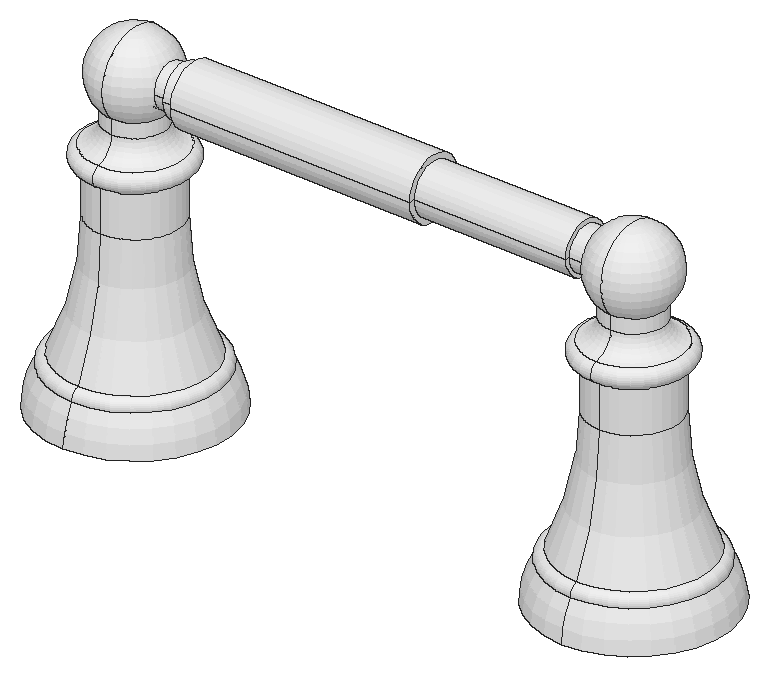
Revit family "Toilet_Tissue_Holder-Wall_Mounted-American_Standard-TR_Series-8334.230", category Specialty Equipment, host Face, Revit 2014
Parameters (values of type "8334.230")
  Width = 8 1/2"
  Warranty Information = "1 Year Warranty"
  URL = "http://www.americanstandard-us.com"
  Type Comments = "Available Finishes Include Chrome Polished, Oil Rubbed Bronze & Satin Nickel."
  Revised Date = "02/08/2016"
  Product Page URL = "https://www.americanstandard-us.com/bathroom/bathroom-accessories/tr-series-toilet-paper-holder-22928"
  Product Documentation Link = "https://www.americanstandard-us.com/-/media/sites/asus/files/product-specs/bulk/specsheet8334230.pdf?la=en"
  Model = "8334.230"
  Material = "Metal-American Standard-002-Polished Chrome"
  Manufacturer = "American Standard"
  Length = 4 1/4"
  Installation Type = "Wall Mounted"
  Height = 2 1/4"
  Description = "TR Series Toilet Paper Holder."
  Default Elevation = 20"
  Creation Date = "04/04/2014"
  Assembly Code = "C1030220"
Reference planes (in)
  plane 1 "Center (Front/Back)": y = 0
  plane 2: z = 0
  plane 3 "Center (Left/Right)": x = 0
  plane 4 "Floor Level": y = -20
  plane 5: x = -4.25
  plane 6: z = 3.75
  plane 7: y = 1.125
  plane 8: y = -1.125
  plane 9: z = 4.25
  plane 10: x = -3.125
  plane 11: x = 3.125
  plane 12: x = 4.25
  plane 13: x = -2
  plane 14: x = 2
Forms (in)
  Revolve 1, solid, material "Metal-American Standard-002-Polished Chrome"
    sketch origin (-3.125, 0, 0) x (0, 0, -1) y (0, 1, 0)
      loop
        line (0, 0) -> (0, 1.125)
        arc (0, 1.125) -> (-0.24099, 1.0846) -> (-0.46338, 0.98333) r 0.93821
        arc (-0.46338, 0.98333) -> (-0.55225, 0.96327) -> (-0.59592, 0.8833) r 0.11062
        arc (-0.59592, 0.8833) -> (-1.35251, 0.61891) -> (-2.14894, 0.52929) r 3.58351
        line (-2.14894, 0.52929) -> (-2.70364, 0.52929)
        arc (-2.70364, 0.52929) -> (-2.79656, 0.66589) -> (-2.93388, 0.57404) r 0.11728
        arc (-2.93388, 0.57404) -> (-3.02588, 0.42017) -> (-3.19406, 0.35806) r 0.2695
        line (-3.19406, 0.35806) -> (-3.36599, 0.35806)
        arc (-3.36599, 0.35806) -> (-3.92864, 0.47689) -> (-4.25, 0) r 0.51452
        line (-4.25, 0) -> (0, 0)
      axis (-4.25, 0) -> (0, 0)
    angle from 0 to 360
  Revolve 2, solid, material "Metal-American Standard-002-Polished Chrome"
    sketch origin (3.125, 0, 0) x (0, 0, -1) y (0, -1, 0)
      loop
        line (0, 0) -> (-4.25, 0)
        arc (-4.25, 0) -> (-3.92864, -0.47689) -> (-3.36599, -0.35806) r 0.51452
        line (-3.36599, -0.35806) -> (-3.19406, -0.35806)
        arc (-3.19406, -0.35806) -> (-3.02588, -0.42017) -> (-2.93388, -0.57404) r 0.2695
        arc (-2.93388, -0.57404) -> (-2.79656, -0.66589) -> (-2.70364, -0.52929) r 0.11728
        line (-2.70364, -0.52929) -> (-2.14894, -0.52929)
        arc (-2.14894, -0.52929) -> (-1.35251, -0.61891) -> (-0.59592, -0.8833) r 3.58351
        arc (-0.59592, -0.8833) -> (-0.55225, -0.96327) -> (-0.46338, -0.98333) r 0.11062
        arc (-0.46338, -0.98333) -> (-0.24099, -1.0846) -> (0, -1.125) r 0.93821
        line (0, -1.125) -> (0, 0)
      axis (-4.25, 0) -> (0, 0)
    angle from 0 to 360
  Revolve 3, solid, material "Metal-American Standard-002-Polished Chrome"
    sketch origin (0, 0, 3.75) x (1, 0, 0) y (0, 1, 0)
      loop
        line (-3.125, 0.26155) -> (-3.125, 0) -> (3.125, 0) -> (3.125, 0.26155) -> (2.52331, 0.26155) -> (2.52331, 0.31094) -> (0.61951, 0.31094) -> (0.61951, 0.37586) -> (-2.38049, 0.37586) -> (-2.38049, 0.31094) -> (-2.52331, 0.31094) -> (-2.52331, 0.26155) -> (-3.125, 0.26155)
      axis (3.125, 0) -> (-3.125, 0)
    angle from 0 to 360
  Revolve 4, solid, material "Metal-American Standard-002-Polished Chrome"
    sketch origin (-3.125, 0, 0) x (0, 0, -1) y (0, 1, 0)
      loop
        line (0, 0) -> (0, 1.125)
        arc (0, 1.125) -> (-0.24099, 1.0846) -> (-0.46338, 0.98333) r 0.93821
        arc (-0.46338, 0.98333) -> (-0.55225, 0.96327) -> (-0.59592, 0.8833) r 0.11062
        arc (-0.59592, 0.8833) -> (-1.35251, 0.61891) -> (-2.14894, 0.52929) r 3.58351
        line (-2.14894, 0.52929) -> (-2.70364, 0.52929)
        arc (-2.70364, 0.52929) -> (-2.79656, 0.66589) -> (-2.93388, 0.57404) r 0.11728
        arc (-2.93388, 0.57404) -> (-3.02588, 0.42017) -> (-3.19406, 0.35806) r 0.2695
        line (-3.19406, 0.35806) -> (-3.36599, 0.35806)
        arc (-3.36599, 0.35806) -> (-3.92864, 0.47689) -> (-4.25, 0) r 0.51452
        line (-4.25, 0) -> (0, 0)
      axis (-4.25, 0) -> (0, 0)
    angle from 0 to 360
Lines and regions (in)
  Masking region 1
    outline origin (0, 0, 0) x (1, 0, 0) y (0, 0, 1)
      loop
        arc (3.48299, 3.36015) -> (3.45299, 4.13262) -> (2.68949, 4.01154) r 0.51693
        line (2.68949, 4.01154) -> (2.52331, 4.01154) -> (2.52331, 4.06094) -> (0.61951, 4.06094) -> (0.61951, 4.12586) -> (-2.38049, 4.12586) -> (-2.38049, 4.06094) -> (-2.52331, 4.06094) -> (-2.52331, 4.01155) -> (-2.68949, 4.01155)
        arc (-2.68949, 4.01155) -> (-3.45299, 4.13262) -> (-3.48299, 3.36015) r 0.51693
        line (-3.48299, 3.36015) -> (-3.48299, 3.20268)
        arc (-3.48299, 3.20268) -> (-3.54479, 3.03079) -> (-3.70008, 2.9346) r 0.27739
        arc (-3.70008, 2.9346) -> (-3.79068, 2.7936) -> (-3.65056, 2.70163) r 0.11909
        line (-3.65056, 2.70163) -> (-3.65056, 2.14739)
        arc (-3.65056, 2.14739) -> (-3.74607, 1.35219) -> (-4.00882, 0.5956) r 3.73768
        arc (-4.00882, 0.5956) -> (-4.08824, 0.55201) -> (-4.10825, 0.46365) r 0.11033
        arc (-4.10825, 0.46365) -> (-4.21008, 0.24129) -> (-4.25, 0) r 0.92387
        line (-4.25, 0) -> (-2, 0)
        arc (-2, 0) -> (-2.03992, 0.24129) -> (-2.14175, 0.46365) r 0.92387
        arc (-2.14175, 0.46365) -> (-2.16176, 0.55201) -> (-2.24118, 0.5956) r 0.11033
        arc (-2.24118, 0.5956) -> (-2.50393, 1.35219) -> (-2.59944, 2.14739) r 3.73768
        line (-2.59944, 2.14739) -> (-2.59944, 2.70163)
        arc (-2.59944, 2.70163) -> (-2.45932, 2.7936) -> (-2.54992, 2.9346) r 0.11909
        arc (-2.54992, 2.9346) -> (-2.70521, 3.03079) -> (-2.76701, 3.20268) r 0.27739
        line (-2.76701, 3.20268) -> (-2.76701, 3.36015)
        arc (-2.76701, 3.36015) -> (-2.71328, 3.42049) -> (-2.6696, 3.48845) r 0.51693
        line (-2.6696, 3.48845) -> (-2.52331, 3.48845) -> (-2.52331, 3.43906) -> (-2.38049, 3.43906) -> (-2.38049, 3.37414) -> (0.61951, 3.37414) -> (0.61951, 3.43906) -> (2.52331, 3.43906) -> (2.52331, 3.48846) -> (2.6696, 3.48846)
        arc (2.6696, 3.48846) -> (2.71328, 3.42049) -> (2.76701, 3.36015) r 0.51693
        line (2.76701, 3.36015) -> (2.76701, 3.20268)
        arc (2.76701, 3.20268) -> (2.70521, 3.03079) -> (2.54992, 2.9346) r 0.27739
        arc (2.54992, 2.9346) -> (2.45932, 2.7936) -> (2.59944, 2.70163) r 0.11909
        line (2.59944, 2.70163) -> (2.59944, 2.14739)
        arc (2.59944, 2.14739) -> (2.50393, 1.35219) -> (2.24118, 0.5956) r 3.73768
        arc (2.24118, 0.5956) -> (2.16176, 0.55201) -> (2.14175, 0.46365) r 0.11033
        arc (2.14175, 0.46365) -> (2.03992, 0.24129) -> (2, 0) r 0.92387
        line (2, 0) -> (4.25, 0)
        arc (4.25, 0) -> (4.21008, 0.24129) -> (4.10825, 0.46365) r 0.92387
        arc (4.10825, 0.46365) -> (4.08824, 0.55201) -> (4.00882, 0.5956) r 0.11033
        arc (4.00882, 0.5956) -> (3.74607, 1.35219) -> (3.65056, 2.14739) r 3.73768
        line (3.65056, 2.14739) -> (3.65056, 2.70163)
        arc (3.65056, 2.70163) -> (3.79068, 2.7936) -> (3.70008, 2.9346) r 0.11909
        arc (3.70008, 2.9346) -> (3.54479, 3.03079) -> (3.48299, 3.20268) r 0.27739
        line (3.48299, 3.20268) -> (3.48299, 3.36015)
  symbolic lines, style "SpecialityEquipment", detail levels medium+fine
    curve 1: line (4.10842, 0, 0.46338) -> (2.14302, 0, 0.46338)
    curve 4: line (2.76701, 0, 3.36015) -> (3.48299, 0, 3.36015)
    curve 6: line (-4.10842, 0, 0.46338) -> (-2.14302, 0, 0.46338)
    curve 9: line (-2.76701, 0, 3.36015) -> (-3.48299, 0, 3.36015)
    curve 12: line (0.61951, 0, 4.06094) -> (0.61951, 0, 3.43906)
    curve 15: arc (2.68949, 0, 4.01154) -> (2.60844, 0, 3.7527) -> (2.6696, 0, 3.48846) r 0.51693
    curve 16: arc (-2.68949, 0, 4.01155) -> (-2.60844, 0, 3.7527) -> (-2.6696, 0, 3.48845) r 0.51693
  symbolic lines, style "SpecialityEquipment", detail levels fine
    curve 2: line (2.24118, 0, 0.5956) -> (4.00882, 0, 0.5956)
    curve 3: line (3.65056, 0, 2.70163) -> (2.59944, 0, 2.70163)
    curve 5: line (3.48321, 0, 3.19406) -> (2.76679, 0, 3.19406)
    curve 7: line (-2.24118, 0, 0.5956) -> (-4.00882, 0, 0.5956)
    curve 8: line (-3.65056, 0, 2.70163) -> (-2.59944, 0, 2.70163)
    curve 10: line (-3.48321, 0, 3.19406) -> (-2.76679, 0, 3.19406)
    curve 11: line (2.52331, 0, 4.01154) -> (2.52331, 0, 3.48846)
    curve 13: line (-2.38049, 0, 4.06094) -> (-2.38049, 0, 3.43906)
    curve 14: line (-2.52331, 0, 4.01155) -> (-2.52331, 0, 3.48845)
Dimensions and locks (in)
  "Default Elevation": plane 4 "Floor Level" to plane 1 "Center (Front/Back)"
  plane 2 to plane 6 = 3 3/4"
  locked: plane 2 to plane 9 at 4.25
  locked: plane 7 to plane 8 at 2.25
  plane 10 to plane 11 = 6 1/4"
  locked: plane 5 to plane 12 at 8.5
  aligned and locked: plane 2 to host face
  aligned and locked: level to host face
Automatic sketch dimensions
  curve 10 to curve 9 = 0.00022"
  curve 1 to curve 2 = 0.09816"
  host sketch curve to host sketch curve = 96"  (x2)
  Revolve 1 sketch curve to plane 1 "Center (Front/Back)" = 0"  (x2)
  plane 9 to Revolve 1 sketch curve = 0"
  Revolve 1 sketch curve to level = 0"
  Revolve 1 sketch curve to plane 7 = 0"
  plane 6 to Revolve 1 sketch curve = 0.01452"
  Revolve 1 sketch curve to plane 1 "Center (Front/Back)" = 0.35806"
  Revolve 1 sketch curve to Revolve 1 sketch curve = 43/256"
  Revolve 1 sketch curve to Revolve 1 sketch curve = 0.17193"
  Revolve 1 sketch curve to Revolve 1 sketch curve = 0.26414"
  Revolve 1 sketch curve to Revolve 1 sketch curve = 0"
  Revolve 1 sketch curve to Revolve 1 sketch curve = 0.11494"
  Revolve 1 sketch curve to Revolve 1 sketch curve = 0.11529"
  Revolve 1 sketch curve to Revolve 1 sketch curve = 0.42591"
  Revolve 1 sketch curve to Revolve 1 sketch curve = 0.12879"
  Revolve 1 sketch curve to Revolve 1 sketch curve = 0.30613"
  plane 7 to Revolve 1 sketch curve = 0.2417"
  level to Revolve 1 sketch curve = 0.59592"
  Revolve 1 sketch curve to Revolve 1 sketch curve = 0.1103"
  Revolve 1 sketch curve to Revolve 1 sketch curve = 0.02224"
  Revolve 1 sketch curve to level = 0.03331"
  Revolve 1 sketch curve to plane 1 "Center (Front/Back)" = 0.18738"
  Revolve 1 sketch curve to plane 1 "Center (Front/Back)" = 0.52929"
  Revolve 2 sketch curve to plane 1 "Center (Front/Back)" = 0"  (x2)
  plane 9 to Revolve 2 sketch curve = 0"
  Revolve 2 sketch curve to level = 0"
  Revolve 2 sketch curve to plane 7 = 0"
  plane 6 to Revolve 2 sketch curve = 0.01452"
  Revolve 2 sketch curve to plane 1 "Center (Front/Back)" = 0.35806"
  Revolve 2 sketch curve to Revolve 2 sketch curve = 43/256"
  Revolve 2 sketch curve to Revolve 2 sketch curve = 0.17193"
  Revolve 2 sketch curve to Revolve 2 sketch curve = 0.26414"
  Revolve 2 sketch curve to Revolve 2 sketch curve = 0"
  Revolve 2 sketch curve to Revolve 2 sketch curve = 0.11494"
  Revolve 2 sketch curve to Revolve 2 sketch curve = 0.11529"
  Revolve 2 sketch curve to Revolve 2 sketch curve = 0.42591"
  Revolve 2 sketch curve to Revolve 2 sketch curve = 0.12879"
  Revolve 2 sketch curve to Revolve 2 sketch curve = 0.30613"
  plane 7 to Revolve 2 sketch curve = 0.2417"
  level to Revolve 2 sketch curve = 0.59592"
  Revolve 2 sketch curve to Revolve 2 sketch curve = 0.1103"
  Revolve 2 sketch curve to Revolve 2 sketch curve = 0.02224"
  Revolve 2 sketch curve to level = 0.03331"
  Revolve 2 sketch curve to plane 7 = 2.9878"
  Revolve 2 sketch curve to Revolve 2 sketch curve = 0.10003"
  Revolve 3 sketch curve to plane 10 = 0"
  plane 1 "Center (Front/Back)" to Revolve 3 sketch curve = 0"  (x2)
  Revolve 3 sketch curve to plane 11 = 0"
  Revolve 3 sketch curve to plane 1 "Center (Front/Back)" = 0.26155"  (x2)
  Revolve 3 sketch curve to plane 13 = 0.52331"
  Revolve 3 sketch curve to Revolve 3 sketch curve = 0.14283"
  plane 13 to Revolve 3 sketch curve = 0.85449"
  Revolve 3 sketch curve to Revolve 3 sketch curve = 0.16218"
  plane 3 "Center (Left/Right)" to Revolve 3 sketch curve = 0.61951"
  Revolve 3 sketch curve to plane 14 = 0.52331"
  Revolve 3 sketch curve to Revolve 3 sketch curve = 0.04939"  (x2)
  Revolve 3 sketch curve to Revolve 3 sketch curve = 0.06492"
  Revolve 4 sketch curve to plane 1 "Center (Front/Back)" = 0"  (x2)
  plane 9 to Revolve 4 sketch curve = 0"
  Revolve 4 sketch curve to level = 0"
  Revolve 4 sketch curve to plane 7 = 0"
  plane 6 to Revolve 4 sketch curve = 0.01452"
  Revolve 4 sketch curve to plane 1 "Center (Front/Back)" = 0.35806"
  Revolve 4 sketch curve to Revolve 4 sketch curve = 43/256"
  Revolve 4 sketch curve to Revolve 4 sketch curve = 0.17193"
  Revolve 4 sketch curve to Revolve 4 sketch curve = 0.26414"
  Revolve 4 sketch curve to Revolve 4 sketch curve = 0"
  Revolve 4 sketch curve to Revolve 4 sketch curve = 0.11494"
  Revolve 4 sketch curve to Revolve 4 sketch curve = 0.11529"
  Revolve 4 sketch curve to Revolve 4 sketch curve = 0.42591"
  Revolve 4 sketch curve to Revolve 4 sketch curve = 0.12879"
  Revolve 4 sketch curve to Revolve 4 sketch curve = 0.30613"
  plane 7 to Revolve 4 sketch curve = 0.2417"
  level to Revolve 4 sketch curve = 0.59592"
  Revolve 4 sketch curve to Revolve 4 sketch curve = 0.1103"
  Revolve 4 sketch curve to Revolve 4 sketch curve = 0.02224"
  Revolve 4 sketch curve to level = 0.03331"
  Revolve 4 sketch curve to plane 1 "Center (Front/Back)" = 0.18738"
  Revolve 4 sketch curve to plane 1 "Center (Front/Back)" = 0.52929"
  Masking region 1 sketch curve to Masking region 1 sketch curve = 0"  (x10)
  Masking region 1 sketch curve to level = 0"  (x2)
  plane 5 to Masking region 1 sketch curve = 0"
  plane 10 to Masking region 1 sketch curve = 0"
  Masking region 1 sketch curve to plane 13 = 0"
  plane 14 to Masking region 1 sketch curve = 0"
  plane 11 to Masking region 1 sketch curve = 0"
  plane 12 to Masking region 1 sketch curve = 0"
  plane 6 to Masking region 1 sketch curve = 1.55701"  (x2)
  Masking region 1 sketch curve to plane 5 = 0.14175"
  Masking region 1 sketch curve to Masking region 1 sketch curve = 0.09943"  (x2)
  Masking region 1 sketch curve to Masking region 1 sketch curve = 0.00869"  (x3)
  Masking region 1 sketch curve to plane 5 = 0.48964"
  Masking region 1 sketch curve to Masking region 1 sketch curve = 0.06029"  (x3)
  Masking region 1 sketch curve to Masking region 1 sketch curve = 0.02588"  (x4)
  Masking region 1 sketch curve to Masking region 1 sketch curve = 0.02364"  (x4)
  Masking region 1 sketch curve to Masking region 1 sketch curve = 0.27737"
  Masking region 1 sketch curve to level = 0.02882"  (x4)
  plane 10 to Masking region 1 sketch curve = 0.20158"
  Masking region 1 sketch curve to plane 10 = 0.20158"
  Masking region 1 sketch curve to plane 10 = 0.35799"
  Masking region 1 sketch curve to plane 10 = 0.43551"
  Masking region 1 sketch curve to Masking region 1 sketch curve = 0.09741"  (x2)
  Masking region 1 sketch curve to plane 10 = 0.52556"
  Masking region 1 sketch curve to Masking region 1 sketch curve = 0.14629"  (x2)
  Masking region 1 sketch curve to Masking region 1 sketch curve = 0.16618"  (x2)
  Masking region 1 sketch curve to Masking region 1 sketch curve = 0.03367"  (x2)
  Masking region 1 sketch curve to Masking region 1 sketch curve = 0.14283"  (x2)
  Masking region 1 sketch curve to plane 13 = 0.24988"
  Masking region 1 sketch curve to Masking region 1 sketch curve = 0.10812"  (x3)
  plane 13 to Masking region 1 sketch curve = 0.86204"
  plane 9 to Masking region 1 sketch curve = 0.18906"
  plane 3 "Center (Left/Right)" to Masking region 1 sketch curve = 0.61951"  (x2)
  plane 14 to Masking region 1 sketch curve = 0.86204"
  Masking region 1 sketch curve to plane 14 = 0.14175"
  Masking region 1 sketch curve to plane 14 = 0.48964"
  plane 9 to Masking region 1 sketch curve = 0.23846"
  Masking region 1 sketch curve to plane 14 = 0.52331"
  plane 11 to Masking region 1 sketch curve = 0.20158"
  Masking region 1 sketch curve to plane 11 = 0.20158"
  Masking region 1 sketch curve to plane 11 = 0.35799"
  Masking region 1 sketch curve to plane 11 = 0.52556"
  plane 12 to Masking region 1 sketch curve = 0.24988"
  Masking region 1 sketch curve to Masking region 1 sketch curve = 0.02196"  (x4)
  Masking region 1 sketch curve to Masking region 1 sketch curve = 0.55424"  (x4)
  Masking region 1 sketch curve to Masking region 1 sketch curve = 0.11672"  (x4)
  Masking region 1 sketch curve to Masking region 1 sketch curve = 0.15747"  (x4)
  Masking region 1 sketch curve to Masking region 1 sketch curve = 0.16878"
  Masking region 1 sketch curve to Masking region 1 sketch curve = 0.06492"  (x3)
  Masking region 1 sketch curve to Masking region 1 sketch curve = 0.04939"  (x3)
  plane 6 to Masking region 1 sketch curve = 0.01693"
  plane 10 to curve 16 = 0"
  plane 11 to curve 15 = 0"
  plane 10 to curve 9 = 0.35799"
  curve 8 to curve 10 = 0.16735"
  curve 7 to plane 5 = 0.24118"
  curve 6 to plane 5 = 0.14158"
  curve 9 to plane 10 = 0.35799"
  curve 9 to curve 10 = 0.00022"
  plane 9 to curve 16 = 0.23845"
  curve 16 to plane 10 = 0.43551"
  curve 9 to curve 16 = 0.09741"
  curve 10 to curve 8 = 0.16735"
  curve 16 to curve 14 = 0.14629"
  curve 14 to curve 13 = 0.14283"
  curve 7 to plane 13 = 0.24118"
  curve 6 to plane 13 = 0.14302"
  plane 3 "Center (Left/Right)" to curve 12 = 0.61951"
  curve 1 to plane 14 = 0.14302"
  plane 6 to curve 11 = 0.26154"
  curve 11 to plane 14 = 0.52331"
  plane 11 to curve 3 = 0.52556"
  curve 11 to curve 15 = 0.14629"
  curve 11 to curve 15 = 0.16618"
  curve 15 to curve 5 = 0.09719"
  curve 15 to curve 4 = 0.09741"
  curve 4 to plane 11 = 0.35799"
  curve 4 to curve 5 = 0.00022"
  curve 5 to curve 3 = 0.16735"
  plane 12 to curve 2 = 0.24118"
  plane 12 to curve 1 = 0.14158"
  curve 15 to curve 11 = 0"
  plane 6 to curve 14 = 0.26155"
  curve 16 to curve 14 = 0"
  plane 6 to curve 12 = 0.31094"
  curve 13 to curve 14 = 0.04939"
  plane 6 to curve 4 = 0.38985"
  curve 9 to curve 16 = 0.1283"
  curve 5 to curve 4 = 0.16609"
  curve 10 to curve 9 = 0.16609"
  curve 3 to curve 5 = 0.49243"
  curve 8 to curve 10 = 0.49243"
  level to curve 7 = 0.5956"
  level to curve 2 = 0.5956"
  curve 6 to curve 7 = 0.13222"
  curve 1 to curve 2 = 0.13222"
  plane 6 to curve 15 = 0.01693"
  curve 11 to curve 15 = 0"
  curve 14 to curve 16 = 0"
  curve 14 to curve 13 = 0.04939"
  plane 9 to curve 12 = 0.18906"
